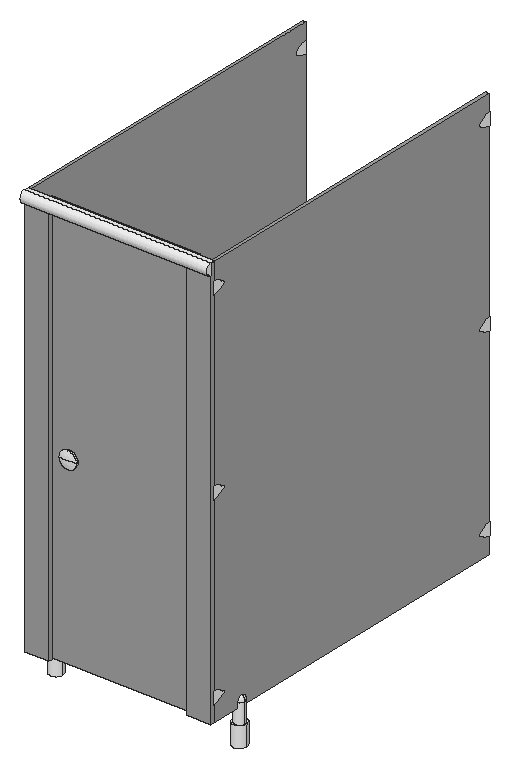
Revit family "NBS_ConceptCubicleSystems_PnlCbclSym_Force", category Specialty Equipment, Revit 2023
Family settings
  Round Connector Dimension = Use Diameter
  Part Type = Normal
  Work Plane-Based = No
  Enable Cutting in Views = No
  Always vertical = Yes
  Cut with Voids When Loaded = No
  Maintain Annotation Orientation = No
  Shared = No
  Room Calculation Point = No
Parameters (values of type "SingleCubicle")
  WarrantyStartDate [instance] = "1900-12-31T23:59:59"
  WarrantyGuarantorParts = "n/a"
  WarrantyGuarantorLabor = "n/a"
  WarrantyDurationUnit = "year"
  WarrantyDurationParts = "n/a"
  WarrantyDurationLabor = "n/a"
  WarrantyDescription = "n/a"
  Version = "3"  # constant formula
  Uniclass2015Version = "Systems v1.17"
  Uniclass2015Title = "Panel cubicle systems"
  Uniclass2015Code = "Ss_25_12_60_60"
  TagNumber [instance] = "n/a"
  SystemManufacturer = "Concept Cubicle Systems"
  SustainabilityPerformance = "n/a"
  SupportHeight [instance] = if(PartitionUndercut < 2 mm, 2 mm, PartitionUndercut)  # 150 mm
  Style = "Cubicle"
  Status = "UNSET"
  Size = "1500 x 1950 mm"
  ShowCubicleLocationLines [instance] = no
  Shape = "n/a"
  SerialNumber [instance] = "n/a"
  RightOpenOut [instance] = and(OpenOut, ReversedDoorSwing)  # no
  RightOpenIn [instance] = and(OpenIn, ReversedDoorSwing)  # yes
  Revision = "n/a"
  ReverseDoorSwing [instance] = no
  ReplacementCost = "n/a"
  Reference = "n/a"
  RailOffsetRight [instance] = if(or(IsWallEndFirstCubicle, IsWallEndEndCubicle, IsWallToWallSingleCubicle, IsFirstCubicle, IsMiddleCubicle), PanelThickness / 2, 0 mm)  # 0 mm
  RailOffsetLeft [instance] = if(or(IsEndCubicle, IsWallEndFirstCubicle, IsWallEndEndCubicle, IsWallEndSingleCubicle, IsWallToWallSingleCubicle, IsMiddleCubicle), PanelThickness / 2, 0 mm)  # 0 mm
  ProductInformation = "https://www.conceptcubiclesystems.co.uk/education/cubicles/force-education"
  PilasterWidthLatchSide [instance] = CubicleWidth - ClearOpeningWidth - PilasterWidthHingeSide  # 100 mm
  PilasterRightWidth [instance] = if(HasDoorCentrePosition, (CubicleWidth - ClearOpeningWidth) / 2, if(ReversedDoorSwing, PilasterWidthHingeSide, PilasterWidthLatchSide))  # 100 mm
  PilasterPanelReturnRight = if(HasPilasterPanelReturnRight, PanelThickness / 2, 0 mm)  # 6.25 mm
  PilasterPanelReturnLeft = if(HasPilasterPanelReturnLeft, PanelThickness / 2, 0 mm)  # 6.25 mm
  PilasterMaterial = NBS_ConceptCubicleSystems_G075_GrisCendre-Grey
  PilasterLeftWidth [instance] = if(HasDoorCentrePosition, (CubicleWidth - ClearOpeningWidth) / 2, if(ReverseDoorSwing, PilasterWidthHingeSide, PilasterWidthLatchSide))  # 100 mm
  PartitionMaterial = NBS_ConceptCubicleSystems_G075_GrisCendre-Grey
  PartitionUndercut [instance] = 150 mm
  Panels = "12 mm compact grade laminate"
  PanelThickness = 12.5 mm  # constant formula
  PilasterUndercut [instance] = 150 mm
  PanelSupports = "150 mm"
  OpenOut [instance] = not(OpenIn)  # no
  OpenIn [instance] = yes
  NominalWidth [instance] = CubicleWidth  # 800 mm
  NominalLength [instance] = CubicleWidth  # 800 mm
  NominalHeight [instance] = CubicleHeight  # 1950 mm
  NominalDepth [instance] = CubicleDepth  # 1500 mm
  Name = "PanelCubicleSystem_Force_SingleCubicle_ConceptCubicleSystems"
  NBSReference = "25-05-60/160"
  NBSDescription = "Panel cubicle system"
  NBSCertification = "www.nationalbimlibrary.com/cert/5v0fqckx"
  ModelReference = "Force Cubicles"
  ModelNumber = "n/a"
  Material = "Compact Grade Laminate"
  ManufacturerURL = "www.conceptcubiclesystems.co.uk"
  ManufacturerName = "Concept Cubicle Systems"  # constant formula
  Manufacturer = "sales@conceptcubiclesystems.co.uk"
  MainColor = "n/a"
  LeftOpenOut [instance] = and(OpenOut, ReverseDoorSwing)  # no
  LeftOpenIn [instance] = and(OpenIn, ReverseDoorSwing)  # no
  ReversedDoorSwing [instance] = not(ReverseDoorSwing)  # yes
  IsWallEndSingleCubicle = no
  IsWallEndFirstCubicle = no
  IsWallEndEndCubicle = no
  IsSingleCubicle = yes
  IsWallToWallSingleCubicle = no
  PilasterWidthHingeSide [instance] = 100 mm
  IsMiddleCubicle = no
  IsFirstCubicle = no
  IsEndCubicle = no
  IsBuiltIn = yes
  InstallationDate [instance] = "1900-12-31T23:59:59"
  IfcExportType = "USERDEFINED"  # constant formula
  IfcExportAs = "IfcFurnitureType"  # constant formula
  HasPilasterPanelReturnRight = or(IsSingleCubicle, IsEndCubicle, IsWallEndSingleCubicle)  # yes
  HasPilasterPanelReturnLeft = or(IsSingleCubicle, IsFirstCubicle)  # yes
  HasPartitionRight = not(or(IsWallToWallSingleCubicle, IsWallEndEndCubicle))  # yes
  HasPartitionLeft = or(IsSingleCubicle, IsFirstCubicle)  # yes
  HasFittingsRight = or(IsWallToWallSingleCubicle, IsWallEndEndCubicle)  # no
  HasFittingsLeft = or(IsWallToWallSingleCubicle, IsWallEndSingleCubicle, IsWallEndFirstCubicle)  # no
  HasDoorCentrePosition [instance] = yes
  Grade = "n/a"
  Fittings = "Satin anodised aluminium"
  FittingOffset [instance] = if(PartitionUndercut > PilasterUndercut, PartitionUndercut + 100 mm, PilasterUndercut + 100 mm)  # 250 mm
  FittingMaterial = NBS_ConceptCubicleSystems_SatinAnodisedAluminium
  Finish = "n/a"
  Features = "Black core with a radiused edge, satin anodised aluminium bolt through Ironmongery, vandel and water resistant"
  ExpectedLife = "n/a"
  DurationUnit = "year"
  DoorSwingCalc [instance] = if(OpenOut, (PanelThickness / 2) + ClearOpeningWidth + 76 mm, 0 mm)  # 0 mm
  DoorSwing [instance] = if(OpenIn, (PanelThickness / 2) + ClearOpeningWidth + 76 mm, 0 mm)  # 682.25 mm
  DoorLeafMaterial = NBS_ConceptCubicleSystems_G075_GrisCendre-Grey
  DoorLeafHeight [instance] = if(OpenIn, CubicleHeight - DoorLeafUndercut - 5 mm, CubicleHeight - DoorLeafUndercut - 55 mm)  # 1795 mm
  DoorLeafUndercut [instance] = 150 mm
  Description = "Force cubicles, ideal for harsh and demanding environments"
  Default Elevation = 0 mm
  CubicleWidth [instance] = 800 mm
  CubicleHeight [instance] = 1950 mm
  CubicleDepth [instance] = 1500 mm
  Constituents = "n/a"
  Color = "n/a"
  CodePerformance = "n/a"
  ClearOpeningWidth [instance] = 600 mm
  ClearOpeningHeight [instance] = CubicleHeight - 50 mm  # 1900 mm
  Category = "Ss_25_12_60_60:Panel cubicle systems"
  BarCode [instance] = "n/a"
  BIMObjectName = "NBS_ConceptCubicleSystems_PanelCubicleSystem_Force_SingleCubicle"
  Author = "NBS"  # constant formula
  AssetType = "Fixed"
  AssetIdentifier [instance] = "n/a"
  Application = "Washrooms in schools, universities, colleges and any other part of the educational sector"
  AccessibilityPerformance = "n/a"
Types (8, lengths in mm): name | ShowCubicleLocationLines | RailOffsetRight | RailOffsetLeft | PilasterPanelReturnRight | PilasterPanelReturnLeft | PilasterMaterial | PartitionMaterial | Name | IsWallEndSingleCubicle | IsWallEndFirstCubicle | IsWallEndEndCubicle | IsSingleCubicle | IsWallToWallSingleCubicle | IsMiddleCubicle | IsFirstCubicle | IsEndCubicle | HasPilasterPanelReturnRight | HasPilasterPanelReturnLeft | HasPartitionRight | HasPartitionLeft | HasFittingsRight | HasFittingsLeft | FittingMaterial | DoorLeafMaterial | BIMObjectName
  SingleCubicle | no | 0 | 0 | 6.25 | 6.25 | NBS_ConceptCubicleSystems_G075_GrisCendre-Grey | NBS_ConceptCubicleSystems_G075_GrisCendre-Grey | "PanelCubicleSystem_Force_SingleCubicle_ConceptCubicleSystems" | no | no | no | yes | no | no | no | no | yes | yes | yes | yes | no | no | NBS_ConceptCubicleSystems_SatinAnodisedAluminium | NBS_ConceptCubicleSystems_G075_GrisCendre-Grey | "NBS_ConceptCubicleSystems_PanelCubicleSystem_Force_SingleCubicle"
  WallToWallSingleCubicle | yes | 6.25 | 6.25 | 0 | 0 | N005 - Noir | F76044 Bellato Grey Laminate | "PanelCubicleSystem_Force_WallToWallSingleCubicle_ConceptCubicleSystems" | no | no | no | no | yes | no | no | no | no | no | no | no | yes | yes | N005 - Noir | N005 - Noir | "NBS_ConceptCubicleSystems_PanelCubicleSystem_Force_WallToWallSingleCubicle"
  EndCubicle | yes | 0 | 6.25 | 6.25 | 0 | NBS_ConceptCubicleSystems_G075_GrisCendre-Grey | NBS_ConceptCubicleSystems_G075_GrisCendre-Grey | "PanelCubicleSystem_Force_EndCubicle_ConceptCubicleSystems" | no | no | no | no | no | no | no | yes | yes | no | yes | no | no | no | NBS_ConceptCubicleSystems_SatinAnodisedAluminium | NBS_ConceptCubicleSystems_G075_GrisCendre-Grey | "NBS_ConceptCubicleSystems_PanelCubicleSystem_Force_EndCubicle"
  FirstCubicle | yes | 6.25 | 0 | 0 | 6.25 | NBS_ConceptCubicleSystems_G075_GrisCendre-Grey | NBS_ConceptCubicleSystems_G075_GrisCendre-Grey | "PanelCubicleSystem_Force_FirstCubicle_ConceptCubicleSystems" | no | no | no | no | no | no | yes | no | no | yes | yes | yes | no | no | NBS_ConceptCubicleSystems_SatinAnodisedAluminium | NBS_ConceptCubicleSystems_G075_GrisCendre-Grey | "NBS_ConceptCubicleSystems_PanelCubicleSystem_Force_FirstCubicle"
  WallEndFirstCubicle | yes | 6.25 | 6.25 | 0 | 0 | N005 - Noir | F76044 Bellato Grey Laminate | "PanelCubicleSystem_Force_WallEndFirstCubicle_ConceptCubicleSystems" | no | yes | no | no | no | no | no | no | no | no | yes | no | no | yes | N005 - Noir | N005 - Noir | "NBS_ConceptCubicleSystems_PanelCubicleSystem_Force_WallEndFirstCubicle"
  WallEndSingleCubicle | yes | 0 | 6.25 | 6.25 | 0 | NBS_ConceptCubicleSystems_G075_GrisCendre-Grey | NBS_ConceptCubicleSystems_G075_GrisCendre-Grey | "PanelCubicleSystem_Force_WallEndSingleCubicle_ConceptCubicleSystems" | yes | no | no | no | no | no | no | no | yes | no | yes | no | no | yes | NBS_ConceptCubicleSystems_SatinAnodisedAluminium | NBS_ConceptCubicleSystems_G075_GrisCendre-Grey | "NBS_ConceptCubicleSystems_PanelCubicleSystem_Force_WallEndSingleCubicle"
  MiddleCubicle | yes | 6.25 | 6.25 | 0 | 0 | N005 - Noir | F76044 Bellato Grey Laminate | "PanelCubicleSystem_Force_MiddleCubicle_ConceptCubicleSystems" | no | no | no | no | no | yes | no | no | no | no | yes | no | no | no | N005 - Noir | N005 - Noir | "NBS_ConceptCubicleSystems_PanelCubicleSystem_Force_MiddleCubicle"
  WallEndEndCubicle | yes | 6.25 | 6.25 | 0 | 0 | N005 - Noir | F76044 Bellato Grey Laminate | "PanelCubicleSystem_Force_WallEndEndCubicle_ConceptCubicleSystems" | no | no | yes | no | no | no | no | no | no | no | no | no | yes | no | N005 - Noir | N005 - Noir | "NBS_ConceptCubicleSystems_PanelCubicleSystem_Force_WallEndEndCubicle"
Reference planes
  plane 1 "Back": y = 0
  plane 2: z = 0
  plane 3 "Center (Left/Right)": x = 0
  plane 4 "Front": y = -1512.5
  plane 5 "PilasterBack": y = -1500
  plane 6 "CubicleLeft": x = -400
  plane 7 "CubicleRight": x = 400
  plane 8 "LeftPartitionExternal": x = -406.25
  plane 9 "LeftPartitionInternal": x = -393.75
  plane 10 "RightPartitionExternal": x = 406.25
  plane 11 "RightPartitionInternal": x = 393.75
  plane 12 "ClearOpeningLeft": x = -300
  plane 13 "ClearOpeningRight": x = 300
  plane 14 "PilasterLeft": x = -406.25
  plane 15 "PilasterRight": x = 406.25
  plane 16 "DoorSwing": y = -824
  plane 17 "DoorSwingCalc": y = -1506.25
  plane 18 "PilasterCentre": y = -1506.25
  plane 19 "Top": z = 1950
  plane 20: z = 1850
  plane 21 "PartitionFitting": z = 250
  plane 22: z = 1050
  plane 23 "PartitionElevation": z = 150
  plane 24 "Leg": y = -1350
  plane 25 "Support": z = 175
  plane 26 "Left": x = -400
  plane 27 "Right": x = 400
  plane 28 "PilasterElevation": z = 150
  plane 29 "PilasterFitting": z = 250
  plane 30 "Fitting": z = 250
Forms (mm)
  Extrusion 1, solid, material "NBS_ConceptCubicleSystems_G075_GrisCendre-Grey" <- "PartitionMaterial", visible <- "HasPartitionLeft", detail levels medium+fine
    sketch origin (0, 0, 0) x (1, 0, 0) y (0, 1, 0)
      loop
        line (-406.25, 0) -> (-406.25, -1500) -> (-393.75, -1500) -> (-393.75, 0) -> (-406.25, 0)
    from 150 to 1950
  Extrusion 2, solid, material "NBS_ConceptCubicleSystems_G075_GrisCendre-Grey" <- "PartitionMaterial", visible <- "HasPartitionRight", detail levels medium+fine
    sketch origin (0, 0, 0) x (1, 0, 0) y (0, 1, 0)
      loop
        line (393.75, 0) -> (393.75, -1500) -> (406.25, -1500) -> (406.25, 0) -> (393.75, 0)
    from 150 to 1950
  Extrusion 3, solid, material "NBS_ConceptCubicleSystems_G075_GrisCendre-Grey" <- "PilasterMaterial", detail levels medium+fine
    sketch origin (0, 0, 0) x (1, 0, 0) y (0, 1, 0)
      loop
        line (-406.25, -1500) -> (-406.25, -1512.5) -> (-300, -1512.5) -> (-300, -1500) -> (-406.25, -1500)
    from 150 to 1950
  Extrusion 4, solid, material "NBS_ConceptCubicleSystems_G075_GrisCendre-Grey" <- "PilasterMaterial", detail levels medium+fine
    sketch origin (0, 0, 0) x (1, 0, 0) y (0, 1, 0)
      loop
        line (300, -1500) -> (300, -1512.5) -> (406.25, -1512.5) -> (406.25, -1500) -> (300, -1500)
    from 150 to 1950
  Revolve 5, solid, material "NBS_ConceptCubicleSystems_SatinAnodisedAluminium" <- "FittingMaterial", visible <- "HasPartitionLeft", detail levels fine
    sketch origin (0, -1350, 0) x (-1, 0, 0) y (0, 0, 1)
      loop
        line (400, 0) -> (430, 0) -> (430, 87.5) -> (422, 87.5) -> (422, 175)
        arc (422, 175) -> (415.556, 190.556) -> (400, 197) r 22
        line (400, 197) -> (400, 0)
      axis (400, 197) -> (400, 0)
    angle from 0 to 360
  Revolve 6, solid, material "NBS_ConceptCubicleSystems_SatinAnodisedAluminium" <- "FittingMaterial", visible <- "HasPartitionRight", detail levels fine
    sketch origin (0, -1350, 0) x (-1, 0, 0) y (0, 0, 1)
      loop
        line (-400, 0) -> (-370, 0) -> (-370, 87.5) -> (-378, 87.5) -> (-378, 175)
        arc (-378, 175) -> (-384.444, 190.556) -> (-400, 197) r 22
        line (-400, 197) -> (-400, 0)
      axis (-400, 197) -> (-400, 0)
    angle from 0 to 360
  Extrusion 7, solid, material "NBS_ConceptCubicleSystems_SatinAnodisedAluminium" <- "FittingMaterial", visible <- "HasPartitionLeft", detail levels coarse+medium
    sketch origin (0, 0, 0) x (1, 0, 0) y (0, 1, 0)
      loop
        circle (-400, -1350) r 22
    from 0 to 150 <- "SupportHeight"
  Extrusion 8, solid, material "NBS_ConceptCubicleSystems_SatinAnodisedAluminium" <- "FittingMaterial", visible <- "HasPartitionRight", detail levels coarse+medium
    sketch origin (0, 0, 0) x (1, 0, 0) y (0, 1, 0)
      loop
        circle (400, -1350) r 22
    from 0 to 150 <- "SupportHeight"
  Extrusion 9, solid, material "NBS_ConceptCubicleSystems_G075_GrisCendre-Grey" <- "PartitionMaterial", visible <- "HasPartitionLeft", detail levels coarse
    sketch origin (0, 0, 0) x (1, 0, 0) y (0, 1, 0)
      loop
        line (-406.25, 0) -> (-406.25, -1500) -> (-393.75, -1500) -> (-393.75, 0) -> (-406.25, 0)
    from 150 to 1950
  Extrusion 10, solid, material "NBS_ConceptCubicleSystems_G075_GrisCendre-Grey" <- "PartitionMaterial", visible <- "HasPartitionRight", detail levels coarse
    sketch origin (0, 0, 0) x (1, 0, 0) y (0, 1, 0)
      loop
        line (393.75, 0) -> (393.75, -1500) -> (406.25, -1500) -> (406.25, 0) -> (393.75, 0)
    from 150 to 1950
  Extrusion 11, solid, material "NBS_ConceptCubicleSystems_G075_GrisCendre-Grey" <- "PilasterMaterial", detail levels coarse
    sketch origin (0, 0, 0) x (1, 0, 0) y (0, 1, 0)
      loop
        line (-406.25, -1500) -> (-406.25, -1512.5) -> (-300, -1512.5) -> (-300, -1500) -> (-406.25, -1500)
    from 150 to 1950
  Extrusion 12, solid, material "NBS_ConceptCubicleSystems_G075_GrisCendre-Grey" <- "PilasterMaterial", detail levels coarse
    sketch origin (0, 0, 0) x (1, 0, 0) y (0, 1, 0)
      loop
        line (300, -1500) -> (300, -1512.5) -> (406.25, -1512.5) -> (406.25, -1500) -> (300, -1500)
    from 150 to 1950
  Sweep 13, solid, material "NBS_ConceptCubicleSystems_SatinAnodisedAluminium" <- "FittingMaterial", detail levels medium+fine
    path origin (0, 0, 1950) x (0, 1, 0) y (-1, 0, 0)
      loop
        line (-1512.5, 406.25) -> (-1512.5, -406.25)
    profile origin (0, -1512.5, 1950) x (0, 1, 0) y (0, 0, 1)
      loop
        arc (0, 3) -> (-25, -22) -> (0, -47) r 25
        line (0, -47) -> (0, 0) -> (19, 0) -> (19, 3) -> (0, 3)
Lines and regions (mm)
  symbolic lines, visible <- "HasPartitionLeft", detail levels coarse
    curve 1: line (-400, 0, 0) -> (-400, -1500, 0)
  symbolic lines, detail levels coarse
    curve 2: line (-300, -1500, 0) -> (-400, -1500, 0)
    curve 3: line (300, -1500, 0) -> (400, -1500, 0)
  symbolic lines, visible <- "HasPartitionRight", detail levels coarse
    curve 4: line (400, -1500, 0) -> (400, 0, 0)
  symbolic lines, style "SpecialityEquipmentHiddenLines", visible <- "ShowCubicleLocationLines"
    curve 5: line (400, -1500, 0) -> (400, 0, 0)
    curve 6: line (-400, 0, 0) -> (-400, -1500, 0)
Dimensions and locks
  "PanelThickness": plane 5 "PilasterBack" to plane 4 "Front"
  "CubicleDepth": plane 5 "PilasterBack" to plane 1 "Back"
  equal spacing: plane 6 "CubicleLeft", plane 3 "Center (Left/Right)", plane 7 "CubicleRight"
  "CubicleWidth": plane 6 "CubicleLeft" to plane 7 "CubicleRight"
  equal spacing: plane 8 "LeftPartitionExternal", plane 6 "CubicleLeft", plane 9 "LeftPartitionInternal"
  "PanelThickness": plane 8 "LeftPartitionExternal" to plane 9 "LeftPartitionInternal"
  equal spacing: plane 11 "RightPartitionInternal", plane 7 "CubicleRight", plane 10 "RightPartitionExternal"
  "PanelThickness": plane 11 "RightPartitionInternal" to plane 10 "RightPartitionExternal"
  "DoorSwing": plane 16 "DoorSwing" to plane 17 "DoorSwingCalc"
  equal spacing: plane 5 "PilasterBack", plane 18 "PilasterCentre", plane 4 "Front"
  "DoorSwingCalc": plane 18 "PilasterCentre" to plane 17 "DoorSwingCalc"
  "CubicleHeight": plane 19 "Top" to level
  locked: plane 19 "Top" to plane 20 at 100
  "PartitionUndercut": plane 23 "PartitionElevation" to level
  locked: plane 21 "PartitionFitting" to plane 23 "PartitionElevation" at 100
  equal spacing: plane 19 "Top", plane 22, plane 23 "PartitionElevation"
  plane 24 "Leg" to plane 5 "PilasterBack" = 150 mm
  locked: plane 6 "CubicleLeft" to Revolve 5 sketch curve at 30
  locked: plane 6 "CubicleLeft" to Revolve 5 sketch curve at 22
  locked: Revolve 6 sketch curve to plane 7 "CubicleRight" at 30
  locked: Revolve 6 sketch curve to plane 7 "CubicleRight" at 22
  "PilasterRightWidth": plane 13 "ClearOpeningRight" to plane 7 "CubicleRight"
  "PilasterLeftWidth": plane 6 "CubicleLeft" to plane 12 "ClearOpeningLeft"
  "PilasterPanelReturnLeft": plane 14 "PilasterLeft" to plane 6 "CubicleLeft"
  "PilasterPanelReturnRight": plane 7 "CubicleRight" to plane 15 "PilasterRight"
  "RailOffsetLeft": plane 8 "LeftPartitionExternal" to Sweep 13 sketch curve
  "RailOffsetRight": Sweep 13 sketch curve to plane 10 "RightPartitionExternal"
  locked: plane 25 "Support" to plane 23 "PartitionElevation" at 25
  equal spacing: plane 25 "Support", Revolve 5 sketch curve, level
  equal spacing: plane 25 "Support", Revolve 6 sketch curve, level
  "PilasterUndercut": plane 28 "PilasterElevation" to level
  locked: plane 29 "PilasterFitting" to plane 28 "PilasterElevation" at 100
  "FittingOffset": plane 30 "Fitting" to level
  aligned and locked: level to plane 2
  aligned and locked: Extrusion 1 sketch curve to plane 8 "LeftPartitionExternal"
  aligned and locked: plane 9 "LeftPartitionInternal" to Extrusion 1 sketch curve
  aligned and locked: Extrusion 2 sketch curve to plane 11 "RightPartitionInternal"
  aligned and locked: plane 10 "RightPartitionExternal" to Extrusion 2 sketch curve
  aligned and locked: Extrusion 3 sketch curve to plane 14 "PilasterLeft"
  aligned and locked: Extrusion 3 sketch curve to plane 12 "ClearOpeningLeft"
  aligned and locked: Extrusion 3 sketch curve to plane 4 "Front"
  aligned and locked: Extrusion 3 sketch curve to plane 5 "PilasterBack"
  aligned and locked: plane 13 "ClearOpeningRight" to Extrusion 4 sketch curve
  aligned and locked: plane 15 "PilasterRight" to Extrusion 4 sketch curve
  aligned and locked: Extrusion 4 sketch curve to plane 5 "PilasterBack"
  aligned and locked: Extrusion 4 sketch curve to plane 4 "Front"
  aligned and locked: nested 1 to plane 13 "ClearOpeningRight"
  aligned and locked: nested 2 to plane 12 "ClearOpeningLeft"
  aligned and locked: plane 5 "PilasterBack" to nested 2
  aligned and locked: nested 4 to plane 12 "ClearOpeningLeft"
  aligned and locked: plane 4 "Front" to nested 4
  aligned and locked: nested 3 to plane 13 "ClearOpeningRight"
  aligned and locked: nested 3 to plane 4 "Front"
  aligned and locked: plane 19 "Top" to Extrusion 1
  aligned and locked: plane 19 "Top" to Extrusion 2
  aligned and locked: plane 19 "Top" to Extrusion 3
  aligned and locked: plane 19 "Top" to Extrusion 4
  aligned and locked: plane 1 "Back" to Extrusion 1 sketch curve
  aligned and locked: Extrusion 1 sketch curve to plane 5 "PilasterBack"
  aligned and locked: Extrusion 2 sketch curve to plane 5 "PilasterBack"
  aligned and locked: plane 1 "Back" to Extrusion 2 sketch curve
  aligned and locked: plane 1 "Back" to nested 5
  aligned and locked: plane 1 "Back" to nested 6
  aligned and locked: plane 1 "Back" to nested 7
  aligned and locked: plane 6 "CubicleLeft" to nested 7
  aligned and locked: plane 6 "CubicleLeft" to nested 6
  aligned and locked: plane 6 "CubicleLeft" to nested 5
  aligned and locked: plane 1 "Back" to nested 8
  aligned and locked: plane 1 "Back" to nested 9
  aligned and locked: plane 1 "Back" to nested 10
  aligned and locked: nested 8 to plane 7 "CubicleRight"
  aligned and locked: nested 9 to plane 7 "CubicleRight"
  aligned and locked: nested 10 to plane 7 "CubicleRight"
  aligned and locked: plane 5 "PilasterBack" to nested 11
  aligned and locked: plane 5 "PilasterBack" to nested 12
  aligned and locked: plane 5 "PilasterBack" to nested 13
  aligned and locked: plane 7 "CubicleRight" to nested 11
  aligned and locked: plane 7 "CubicleRight" to nested 12
  aligned and locked: plane 7 "CubicleRight" to nested 13
  aligned and locked: plane 5 "PilasterBack" to nested 17
  aligned and locked: plane 5 "PilasterBack" to nested 18
  aligned and locked: plane 5 "PilasterBack" to nested 19
  aligned and locked: nested 17 to plane 6 "CubicleLeft"
  aligned and locked: nested 18 to plane 6 "CubicleLeft"
  aligned and locked: nested 19 to plane 6 "CubicleLeft"
  aligned and locked: nested 16 to plane 18 "PilasterCentre"
  aligned and locked: nested 15 to plane 18 "PilasterCentre"
  aligned and locked: nested 14 to plane 18 "PilasterCentre"
  aligned and locked: plane 15 "PilasterRight" to nested 16
  aligned and locked: plane 15 "PilasterRight" to nested 15
  aligned and locked: plane 15 "PilasterRight" to nested 14
  aligned and locked: plane 20 to nested 7
  aligned and locked: plane 20 to nested 19
  aligned and locked: plane 20 to nested 16
  aligned and locked: plane 21 "PartitionFitting" to nested 6
  aligned and locked: plane 22 to nested 5
  aligned and locked: plane 22 to nested 17
  aligned and locked: plane 22 to nested 14
  aligned and locked: plane 20 to nested 13
  aligned and locked: plane 22 to nested 12
  aligned and locked: plane 20 to nested 10
  aligned and locked: plane 22 to nested 9
  aligned and locked: plane 21 "PartitionFitting" to nested 8
  aligned and locked: Revolve 5 sketch curve to plane 6 "CubicleLeft"  (x2)
  aligned and locked: plane 7 "CubicleRight" to Revolve 6 sketch curve
  aligned and locked: Revolve 6 sketch curve to plane 7 "CubicleRight"
  aligned and locked: plane 24 "Leg" to Extrusion 7 sketch curve
  aligned and locked: plane 6 "CubicleLeft" to Extrusion 7 sketch curve
  aligned and locked: plane 24 "Leg" to Extrusion 8 sketch curve
  aligned and locked: plane 7 "CubicleRight" to Extrusion 8 sketch curve
  aligned and locked: Extrusion 9 sketch curve to plane 8 "LeftPartitionExternal"
  aligned and locked: plane 9 "LeftPartitionInternal" to Extrusion 9 sketch curve
  aligned and locked: Extrusion 9 sketch curve to plane 1 "Back"
  aligned and locked: Extrusion 9 sketch curve to plane 5 "PilasterBack"
  aligned and locked: Extrusion 10 sketch curve to plane 11 "RightPartitionInternal"
  aligned and locked: plane 10 "RightPartitionExternal" to Extrusion 10 sketch curve
  aligned and locked: Extrusion 10 sketch curve to plane 1 "Back"
  aligned and locked: Extrusion 10 sketch curve to plane 5 "PilasterBack"
  aligned and locked: Extrusion 11 sketch curve to plane 5 "PilasterBack"
  aligned and locked: Extrusion 11 sketch curve to plane 4 "Front"
  aligned and locked: Extrusion 11 sketch curve to plane 14 "PilasterLeft"
  aligned and locked: Extrusion 11 sketch curve to plane 12 "ClearOpeningLeft"
  aligned and locked: plane 13 "ClearOpeningRight" to Extrusion 12 sketch curve
  aligned and locked: plane 15 "PilasterRight" to Extrusion 12 sketch curve
  aligned and locked: Extrusion 12 sketch curve to plane 5 "PilasterBack"
  aligned and locked: Extrusion 12 sketch curve to plane 4 "Front"
  aligned and locked: plane 19 "Top" to Extrusion 9
  aligned and locked: plane 19 "Top" to Extrusion 10
  aligned and locked: plane 19 "Top" to Extrusion 11
  aligned and locked: plane 19 "Top" to Extrusion 12
  aligned and locked: plane 1 "Back" to curve 4
  aligned and locked: curve 3 to plane 5 "PilasterBack"
  aligned and locked: plane 13 "ClearOpeningRight" to curve 3
  aligned and locked: plane 12 "ClearOpeningLeft" to curve 2
  aligned and locked: plane 5 "PilasterBack" to curve 2
  aligned and locked: curve 1 to plane 6 "CubicleLeft"
  aligned and locked: Sweep 13 sketch curve to plane 4 "Front"
  aligned and locked: plane 18 "PilasterCentre" to nested 22
  aligned and locked: plane 18 "PilasterCentre" to nested 21
  aligned and locked: plane 18 "PilasterCentre" to nested 20
  aligned and locked: plane 14 "PilasterLeft" to nested 22
  aligned and locked: plane 14 "PilasterLeft" to nested 20
  aligned and locked: plane 14 "PilasterLeft" to nested 21
  aligned and locked: plane 20 to nested 22
  aligned and locked: plane 22 to nested 21
  aligned and locked: nested 1 to plane 5 "PilasterBack"
  aligned and locked: plane 26 "Left" to plane 6 "CubicleLeft"
  aligned and locked: plane 27 "Right" to plane 7 "CubicleRight"
  aligned and locked: curve 5 to plane 7 "CubicleRight"
  aligned and locked: plane 1 "Back" to curve 5
  aligned and locked: plane 5 "PilasterBack" to curve 5
  aligned and locked: curve 6 to plane 6 "CubicleLeft"
  aligned and locked: plane 1 "Back" to curve 6
  aligned and locked: plane 5 "PilasterBack" to curve 6
  aligned and locked: plane 25 "Support" to Revolve 5 sketch curve
  aligned and locked: plane 25 "Support" to Revolve 6 sketch curve
  aligned and locked: plane 6 "CubicleLeft" to curve 2
  aligned and locked: Extrusion 2 to plane 23 "PartitionElevation"
  aligned and locked: Extrusion 1 to plane 23 "PartitionElevation"
  aligned and locked: Extrusion 9 to plane 23 "PartitionElevation"
  aligned and locked: Extrusion 10 to plane 23 "PartitionElevation"
  aligned and locked: Extrusion 12 to plane 28 "PilasterElevation"
  aligned and locked: Extrusion 4 to plane 28 "PilasterElevation"
  aligned and locked: Extrusion 11 to plane 28 "PilasterElevation"
  aligned and locked: Extrusion 3 to plane 28 "PilasterElevation"
  aligned and locked: plane 29 "PilasterFitting" to nested 20
  aligned and locked: plane 29 "PilasterFitting" to nested 15
  aligned and locked: plane 30 "Fitting" to nested 18
  aligned and locked: plane 30 "Fitting" to nested 11
Automatic sketch dimensions
  Sweep 13 sketch curve to profile plane = 0 mm  (x2)
  Sweep 13 sketch curve to plane 19 "Top" = 0 mm
  Sweep 13 sketch curve to profile plane = 19 mm
  Sweep 13 sketch curve to plane 19 "Top" = 22 mm
  Sweep 13 sketch curve to Sweep 13 sketch curve = 3 mm
  Revolve 5 sketch curve to level = 0 mm
  Revolve 5 sketch curve to level = 304.8 mm
  plane 19 "Top" to Revolve 5 sketch curve = 488.4 mm
  Revolve 6 sketch curve to level = 0 mm
  Revolve 6 sketch curve to level = 304.8 mm
  plane 19 "Top" to Revolve 6 sketch curve = 488.4 mm
  plane 1 "Back" to curve 1 = 0 mm
  radius of Extrusion 7 sketch curve = 22 mm
  radius of Extrusion 8 sketch curve = 22 mm
Nested families
  nested 1: "NBS_ConceptCubicleSystems_PnlCbclSym_Force_DoorLeaf" at (0, -1500, 0), visible <- "RightOpenIn", type "Door"
  nested 2: "NBS_ConceptCubicleSystems_PnlCbclSym_Force_DoorLeaf" at (0, -1500, 0) x (-1, 0, 0) z (0, 0, 1), visible <- "LeftOpenIn", type "Door"
  nested 3: "NBS_ConceptCubicleSystems_PnlCbclSym_Force_DoorLeaf" at (0, -1512.5, 0), visible <- "RightOpenOut", type "Door"
  nested 4: "NBS_ConceptCubicleSystems_PnlCbclSym_Force_DoorLeaf" at (0, -1512.5, 0) x (-1, 0, 0) z (0, 0, 1), visible <- "LeftOpenOut", type "Door"
  nested 5: "NBS_ConceptCubicleSystems_PnlCbclSym_Fitting_Type1" at (-400, 0, 1050), visible <- "HasPartitionLeft", type "NBS_ConceptCubicleSystems_PnlCbclSym_Fitting_Type1", detail levels fine
  nested 6: "NBS_ConceptCubicleSystems_PnlCbclSym_Fitting_Type1" at (-400, 0, 250), visible <- "HasPartitionLeft", type "NBS_ConceptCubicleSystems_PnlCbclSym_Fitting_Type1", detail levels fine
  nested 7: "NBS_ConceptCubicleSystems_PnlCbclSym_Fitting_Type1" at (-400, 0, 1850), visible <- "HasPartitionLeft", type "NBS_ConceptCubicleSystems_PnlCbclSym_Fitting_Type1", detail levels fine
  nested 8: "NBS_ConceptCubicleSystems_PnlCbclSym_Fitting_Type1" at (400, 0, 250), visible <- "HasPartitionRight", type "NBS_ConceptCubicleSystems_PnlCbclSym_Fitting_Type1", detail levels fine
  nested 9: "NBS_ConceptCubicleSystems_PnlCbclSym_Fitting_Type1" at (400, 0, 1050), visible <- "HasPartitionRight", type "NBS_ConceptCubicleSystems_PnlCbclSym_Fitting_Type1", detail levels fine
  nested 10: "NBS_ConceptCubicleSystems_PnlCbclSym_Fitting_Type1" at (400, 0, 1850), visible <- "HasPartitionRight", type "NBS_ConceptCubicleSystems_PnlCbclSym_Fitting_Type1", detail levels fine
  nested 11: "NBS_ConceptCubicleSystems_PnlCbclSym_Fitting_Type1" at (400, -1500, 250) x (-1, 0, 0) z (0, 0, 1), visible <- "HasPartitionRight", type "NBS_ConceptCubicleSystems_PnlCbclSym_Fitting_Type1", detail levels fine
  nested 12: "NBS_ConceptCubicleSystems_PnlCbclSym_Fitting_Type1" at (400, -1500, 1050) x (-1, 0, 0) z (0, 0, 1), visible <- "HasPartitionRight", type "NBS_ConceptCubicleSystems_PnlCbclSym_Fitting_Type1", detail levels fine
  nested 13: "NBS_ConceptCubicleSystems_PnlCbclSym_Fitting_Type1" at (400, -1500, 1850) x (-1, 0, 0) z (0, 0, 1), visible <- "HasPartitionRight", type "NBS_ConceptCubicleSystems_PnlCbclSym_Fitting_Type1", detail levels fine
  nested 14: "NBS_ConceptCubicleSystems_PnlCbclSym_Fitting_Type1" at (406.25, -1506.25, 1050) x (0, -1, 0) z (0, 0, 1), visible <- "HasFittingsRight", type "NBS_ConceptCubicleSystems_PnlCbclSym_Fitting_Type1", detail levels fine
  nested 15: "NBS_ConceptCubicleSystems_PnlCbclSym_Fitting_Type1" at (406.25, -1506.25, 250) x (0, -1, 0) z (0, 0, 1), visible <- "HasFittingsRight", type "NBS_ConceptCubicleSystems_PnlCbclSym_Fitting_Type1", detail levels fine
  nested 16: "NBS_ConceptCubicleSystems_PnlCbclSym_Fitting_Type1" at (406.25, -1506.25, 1850) x (0, -1, 0) z (0, 0, 1), visible <- "HasFittingsRight", type "NBS_ConceptCubicleSystems_PnlCbclSym_Fitting_Type1", detail levels fine
  nested 17: "NBS_ConceptCubicleSystems_PnlCbclSym_Fitting_Type1" at (-400, -1500, 1050) x (-1, 0, 0) z (0, 0, 1), visible <- "HasPartitionLeft", type "NBS_ConceptCubicleSystems_PnlCbclSym_Fitting_Type1", detail levels fine
  nested 18: "NBS_ConceptCubicleSystems_PnlCbclSym_Fitting_Type1" at (-400, -1500, 250) x (-1, 0, 0) z (0, 0, 1), visible <- "HasPartitionLeft", type "NBS_ConceptCubicleSystems_PnlCbclSym_Fitting_Type1", detail levels fine
  nested 19: "NBS_ConceptCubicleSystems_PnlCbclSym_Fitting_Type1" at (-400, -1500, 1850) x (-1, 0, 0) z (0, 0, 1), visible <- "HasPartitionLeft", type "NBS_ConceptCubicleSystems_PnlCbclSym_Fitting_Type1", detail levels fine
  nested 20: "NBS_ConceptCubicleSystems_PnlCbclSym_Fitting_Type1" at (-406.25, -1506.25, 250) x (0, 1, 0) z (0, 0, 1), visible <- "HasFittingsLeft", type "NBS_ConceptCubicleSystems_PnlCbclSym_Fitting_Type1", detail levels fine
  nested 21: "NBS_ConceptCubicleSystems_PnlCbclSym_Fitting_Type1" at (-406.25, -1506.25, 1050) x (0, 1, 0) z (0, 0, 1), visible <- "HasFittingsLeft", type "NBS_ConceptCubicleSystems_PnlCbclSym_Fitting_Type1", detail levels fine
  nested 22: "NBS_ConceptCubicleSystems_PnlCbclSym_Fitting_Type1" at (-406.25, -1506.25, 1850) x (0, 1, 0) z (0, 0, 1), visible <- "HasFittingsLeft", type "NBS_ConceptCubicleSystems_PnlCbclSym_Fitting_Type1", detail levels fine
Definition of nested family "NBS_ConceptCubicleSystems_PnlCbclSym_Force_DoorLeaf"
  Parameters (values of type "Door")
    OpenOut = not(OpenIn)  # no
    OpenIn = yes
    OccupancyIndicatorMaterial = none
    DoorLeafWidth = ClearOpeningWidth + 46 mm  # 646 mm
    DoorLeafThickness = 12.5 mm
    DoorLeafOffset = 12 mm  # constant formula
    DoorLeafMaterial = none
    DoorLeafHeight = 1795 mm
    DoorLeafElevation = 150 mm
    Default Elevation = 0 mm
    CubicleHeight = 1950 mm
    ClearOpeningWidth = 600 mm
  Reference planes
    plane 1 "Pilaster": y = 0
    plane 2: z = 0
    plane 3 "Center (Left/Right)": x = 0
    plane 4 "Left": x = -318
    plane 5 "Right": x = 328
    plane 6 "DoorFront": y = 12
    plane 7 "DoorBack": y = 24.5
    plane 8 "PilasterLeft": x = -300
    plane 9 "PilasterRight": x = 300
    plane 10 "HingeLR": x = 337
    plane 11 "HingeFB": y = 21
    plane 12 "DoorFrontOpen": y = 30
    plane 13 "DoorBackOpen": y = 676
    plane 14 "DoorRightOpen": x = 340.5
    plane 15 "DoorLeftOpen": x = 328
    plane 16 "LockLR": x = -233
    plane 17 "Lock": z = 950
    plane 18 "Top": z = 1945
    plane 19 "DoorBottom": z = 150
    plane 20: z = 1047.5
    plane 21 "CubicleTop": z = 1950
  Forms (mm)
    Extrusion 1, solid, material <- "DoorLeafMaterial", detail levels medium+fine
      sketch origin (0, 0, 150) x (-1, 0, 0) y (0, -1, 0)
        loop
          line (318, -24.5) -> (318, -12) -> (-328, -12) -> (-328, -24.5) -> (318, -24.5)
      from 0 to 1795
    Revolve 2, solid, material <- "OccupancyIndicatorMaterial", visible <- "OpenIn", detail levels medium+fine
      sketch origin (0, 0, 950) x (-1, 0, 0) y (0, -1, 0)
        loop
          line (233, -12) -> (270.5, -12) -> (270.5, -5.5)
          arc (270.5, -5.5) -> (252.03, -0.637) -> (233, 1) r 111.423
          line (233, 1) -> (233, -12)
        axis (233, -12) -> (233, 1)
      angle from 0 to 360
    Revolve 3, solid, material <- "OccupancyIndicatorMaterial", visible <- "OpenOut", detail levels medium+fine
      sketch origin (0, 0, 950) x (-1, 0, 0) y (0, -1, 0)
        loop
          line (233, -24.5) -> (233, -37.5)
          arc (233, -37.5) -> (252.276, -35.863) -> (271, -31) r 114.327
          line (271, -31) -> (271, -24.5) -> (233, -24.5)
        axis (233, -37.5) -> (233, -24.5)
      angle from 0 to 360
    Extrusion 4, solid, material <- "DoorLeafMaterial", detail levels coarse
      sketch origin (0, 0, 150) x (-1, 0, 0) y (0, -1, 0)
        loop
          line (318, -12) -> (-328, -12) -> (-328, -24.5) -> (318, -24.5) -> (318, -12)
      from 0 to 1800
  Lines and regions (mm)
    Masking region 1, detail levels medium+fine
      outline origin (0, 0, 0) x (1, 0, 0) y (0, 1, 0)
        loop
          line (328, 676) -> (328, 30) -> (340.5, 30) -> (340.5, 676) -> (328, 676)
    symbolic lines
      curve 1: arc (-318, 24.5, 0) -> (-123.68, 486.63, 0) -> (340.5, 676, 0) r 655.009
      curve 3: line (-318, 0, 150) -> (328, 0, 1047.5)
      curve 4: line (328, 0, 1047.5) -> (-318, 0, 1945)
    symbolic lines, detail levels coarse
      curve 2: line (340.5, 30, 0) -> (340.5, 676, 0)
  Dimensions and locks
    "DoorLeafOffset": plane 1 "Pilaster" to plane 6 "DoorFront"
    "DoorLeafThickness": plane 7 "DoorBack" to plane 6 "DoorFront"
    locked: plane 4 "Left" to plane 8 "PilasterLeft" at 18
    locked: plane 9 "PilasterRight" to plane 5 "Right" at 28
    equal spacing: plane 8 "PilasterLeft", plane 3 "Center (Left/Right)", plane 9 "PilasterRight"
    "ClearOpeningWidth": plane 8 "PilasterLeft" to plane 9 "PilasterRight"
    locked: plane 9 "PilasterRight" to plane 10 "HingeLR" at 37
    locked: plane 1 "Pilaster" to plane 11 "HingeFB" at 21
    locked: plane 12 "DoorFrontOpen" to plane 11 "HingeFB" at 9
    "DoorLeafWidth": plane 13 "DoorBackOpen" to plane 12 "DoorFrontOpen"
    locked: plane 15 "DoorLeftOpen" to plane 10 "HingeLR" at 9
    "DoorLeafThickness": plane 15 "DoorLeftOpen" to plane 14 "DoorRightOpen"
    locked: plane 8 "PilasterLeft" to plane 16 "LockLR" at 67
    locked: Revolve 2 sketch curve to plane 16 "LockLR" at 37.5
    locked: plane 6 "DoorFront" to Revolve 2 sketch curve at 13
    locked: plane 6 "DoorFront" to Revolve 2 sketch curve at 6.5
    locked: plane 17 "Lock" to level at 950
    "DoorLeafElevation": plane 19 "DoorBottom" to level
    locked: Revolve 3 sketch curve to plane 7 "DoorBack" at 6.5
    locked: Revolve 3 sketch curve to plane 16 "LockLR" at 38
    locked: Revolve 3 sketch curve to plane 7 "DoorBack" at 13
    equal spacing: plane 18 "Top", plane 20, plane 19 "DoorBottom"
    "DoorLeafHeight": plane 18 "Top" to plane 19 "DoorBottom"
    "CubicleHeight": plane 21 "CubicleTop" to level
    aligned and locked: level to plane 2
    aligned and locked: Extrusion 1 sketch curve to plane 4 "Left"
    aligned and locked: plane 5 "Right" to Extrusion 1 sketch curve
    aligned and locked: Extrusion 1 sketch curve to plane 7 "DoorBack"
    aligned and locked: Extrusion 1 sketch curve to plane 6 "DoorFront"
    aligned and locked: Masking region 1 sketch curve to plane 15 "DoorLeftOpen"
    aligned and locked: Masking region 1 sketch curve to plane 14 "DoorRightOpen"
    aligned and locked: Masking region 1 sketch curve to plane 13 "DoorBackOpen"
    aligned and locked: Masking region 1 sketch curve to plane 12 "DoorFrontOpen"
    aligned and locked: plane 11 "HingeFB" to curve 1
    aligned and locked: plane 10 "HingeLR" to curve 1
    aligned and locked: plane 13 "DoorBackOpen" to curve 2
    aligned and locked: plane 12 "DoorFrontOpen" to curve 2
    aligned and locked: curve 2 to plane 14 "DoorRightOpen"
    aligned and locked: Revolve 2 sketch curve to plane 16 "LockLR"  (x2)
    aligned and locked: plane 6 "DoorFront" to Revolve 2 sketch curve
    aligned and locked: plane 18 "Top" to Extrusion 1
    aligned and locked: Extrusion 1 to plane 19 "DoorBottom"
    aligned and locked: plane 7 "DoorBack" to Revolve 3 sketch curve
    aligned and locked: plane 16 "LockLR" to Revolve 3 sketch curve
    aligned and locked: Revolve 3 sketch curve to plane 16 "LockLR"
    aligned and locked: plane 19 "DoorBottom" to curve 3
    aligned and locked: plane 4 "Left" to curve 3
    aligned and locked: plane 15 "DoorLeftOpen" to curve 4
    aligned and locked: plane 20 to curve 4
    aligned and locked: plane 4 "Left" to curve 4
    aligned and locked: plane 18 "Top" to curve 4
    aligned and locked: Extrusion 4 sketch curve to plane 6 "DoorFront"
    aligned and locked: Extrusion 4 sketch curve to plane 7 "DoorBack"
    aligned and locked: plane 5 "Right" to Extrusion 4 sketch curve
    aligned and locked: Extrusion 4 sketch curve to plane 4 "Left"
    aligned and locked: plane 21 "CubicleTop" to Extrusion 4
  Automatic sketch dimensions
    curve 1 to plane 4 "Left" = 0 mm
    Revolve 2 sketch curve to Revolve 2 sketch curve = 16.101 mm
    Revolve 2 sketch curve to Revolve 2 sketch curve = 61.569 mm
    Revolve 3 sketch curve to Revolve 3 sketch curve = 56.822 mm
    Revolve 3 sketch curve to Revolve 3 sketch curve = 14.258 mm
Definition of nested family "NBS_ConceptCubicleSystems_PnlCbclSym_Fitting_Type1"
  Parameters (values of type "NBS_ConceptCubicleSystems_PnlCbclSym_Force_Fitting")
    FittingMaterial = none
    Default Elevation = 0 mm
  Reference planes
    plane 1 "Center (Front/Back)": y = 0
    plane 2: z = 0
    plane 3 "Center (Left/Right)": x = 0
  Forms (mm)
    Extrusion 1, solid, material <- "FittingMaterial"
      sketch origin (0, 0, 0) x (0, 1, 0) y (0, 0, 1)
        loop
          arc (-47.371, 7.328) -> (-51.146, 0) -> (-47.371, -7.328) r 9
          arc (-47.371, -7.328) -> (-24.803, -19.826) -> (0, -26.916) r 113.721
          line (0, -26.916) -> (0, 26.916)
          arc (0, 26.916) -> (-24.803, 19.826) -> (-47.371, 7.328) r 113.721
      from -8.5 to 8.5
    Extrusion 2, void
      sketch origin (0, 0, 0) x (1, 0, 0) y (0, 1, 0)
        loop
          line (6.25, -4) -> (-6.25, -4) -> (-6.25, -52.661) -> (6.25, -52.661) -> (6.25, -4)
      from -30 to 30
  Cuts and joins
    Extrusion 2 cuts Extrusion 1
  Dimensions and locks
    aligned and locked: level to plane 2
    aligned and locked: plane 1 "Center (Front/Back)" to Extrusion 1 sketch curve
